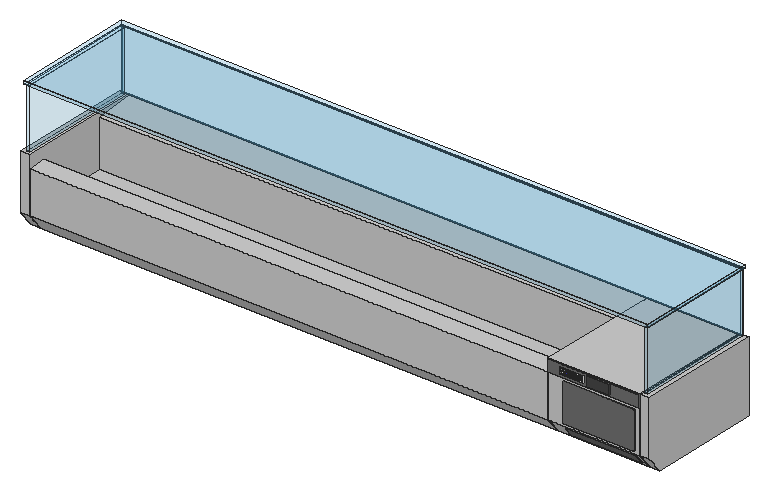
Revit family "Qf_Afinox_VRS2005V", category Specialty Equipment, Revit 2014
Parameters
  Show Logo [instance] = yes
  Show Clearance [instance] = yes
Reference planes
  plane 1 "Back": y = 0
  plane 2: z = 0
  plane 3 "Left": x = 0
  plane 4 "Right": x = 2005
  plane 5 "Front": y = -395
  plane 6 "Top": z = 225
Forms (mm)
  Extrusion 1, solid
    sketch origin (905, 0, 0) x (0, 1, 0) y (0, 0, 1)
      loop
        line (0, 225) -> (-118.091, 213.424) -> (-118.091, 63.424) -> (-342.706, 63.424) -> (-342.706, 191.405) -> (-395, 186.278) -> (-395, 50) -> (-354.511, 0) -> (0, 0) -> (0, 225)
    from -875 to 778
  Extrusion 2, solid
    sketch origin (0, 0, 0) x (0, 1, 0) y (0, 0, 1)
      loop
        line (0, 225) -> (-395, 225) -> (-395, 50) -> (-354.511, 0) -> (0, 0) -> (0, 225)
    from 0 to 30
  Extrusion 3, solid
    sketch origin (1975, 0, 0) x (0, 1, 0) y (0, 0, 1)
      loop
        line (0, 225) -> (-395, 225) -> (-395, 50) -> (-354.511, 0) -> (0, 0) -> (0, 225)
    from 0 to 30
  Extrusion 4, solid
    sketch origin (1945, 0, 0) x (0, 1, 0) y (0, 0, 1)
      loop
        line (0, 225) -> (-395, 225) -> (-395, 50) -> (-354.511, 0) -> (0, 0) -> (0, 225)
    from -262 to 30
  Extrusion 5, solid
    sketch origin (905, -394, -0.038) x (1, 0, 0) y (0, 0, 1)
      loop
        arc (829.65, 178.011) -> (827.352, 177.059) -> (826.4, 174.761) r 3.25
        line (826.4, 174.761) -> (826.4, 59.261)
        arc (826.4, 59.261) -> (827.352, 56.963) -> (829.65, 56.011) r 3.25
        line (829.65, 56.011) -> (1050.15, 56.011)
        arc (1050.15, 56.011) -> (1052.448, 56.963) -> (1053.4, 59.261) r 3.25
        line (1053.4, 59.261) -> (1053.4, 174.761)
        arc (1053.4, 174.761) -> (1052.448, 177.059) -> (1050.15, 178.011) r 3.25
        line (1050.15, 178.011) -> (829.65, 178.011)
    from 0 to 2
  Extrusion 6, solid
    sketch origin (905, -273.564, -98.372) x (1, 0, 0) y (0, -0.62932, 0.777146)
      loop
        arc (829.65, 178.011) -> (827.352, 177.059) -> (826.4, 174.761) r 3.25
        line (826.4, 174.761) -> (826.4, 141.843)
        arc (826.4, 141.843) -> (827.352, 139.544) -> (829.65, 138.593) r 3.25
        line (829.65, 138.593) -> (1050.15, 138.593)
        arc (1050.15, 138.593) -> (1052.448, 139.544) -> (1053.4, 141.843) r 3.25
        line (1053.4, 141.843) -> (1053.4, 174.761)
        arc (1053.4, 174.761) -> (1052.448, 177.059) -> (1050.15, 178.011) r 3.25
        line (1050.15, 178.011) -> (829.65, 178.011)
    from 0 to 2
  Extrusion 7, solid
    sketch origin (897.335, -397, -1.215) x (1, 0, 0) y (0, 0, 1)
      loop
        line (912.065, 221.354) -> (912.065, 192.354) -> (983.065, 192.354) -> (983.065, 221.354) -> (912.065, 221.354)
    from 0 to 3
  Extrusion 8, solid, visible <- "Show Logo"
    sketch origin (1542.556, -397, -384.108) x (1, 0, 0) y (0, 0, 1)
      loop
        line (179.287, 599.596) -> (179.287, 579.899) -> (254.287, 579.899) -> (254.287, 599.596) -> (179.287, 599.596)
      loop
        line (199.226, 597.323) -> (199.226, 582.172) -> (253.014, 582.172) -> (253.014, 597.323) -> (199.226, 597.323)
      loop
        line (180.287, 597.323) -> (180.287, 582.172) -> (198.848, 582.172) -> (198.848, 597.323) -> (180.287, 597.323)
    from 0 to 2
  Extrusion 9, solid, visible <- "Show Logo"
    sketch origin (749.53, -397, -622.718) x (1, 0, 0) y (0, 0, 1)
      loop
        arc (994.034, 825.04) -> (994.842, 823.416) -> (996.479, 824.198) r 1.293
        line (996.479, 824.198) -> (996.958, 825.22) -> (1000.192, 825.22) -> (1000.6, 824.198)
        arc (1000.6, 824.198) -> (1002.252, 823.366) -> (1003.039, 825.04) r 1.291
        line (1003.039, 825.04) -> (999.801, 832.415)
        arc (999.801, 832.415) -> (998.57, 833.402) -> (997.337, 832.418) r 1.263
        line (997.337, 832.418) -> (994.034, 825.04)
      loop
        line (999.576, 827.427) -> (998.603, 829.738) -> (997.631, 827.445) -> (999.576, 827.427)
      loop
        line (1004.344, 832.421) -> (1004.344, 824.556)
        arc (1004.344, 824.556) -> (1005.631, 823.448) -> (1006.918, 824.556) r 1.302
        line (1006.918, 824.556) -> (1006.918, 827.178) -> (1010.126, 827.178)
        arc (1010.126, 827.178) -> (1011.3, 828.493) -> (1010.126, 829.808) r 1.323
        line (1010.126, 829.808) -> (1006.918, 829.808) -> (1006.918, 830.954) -> (1010.126, 830.954)
        arc (1010.126, 830.954) -> (1011.264, 832.233) -> (1010.126, 833.511) r 1.287
        line (1010.126, 833.511) -> (1005.326, 833.511)
        arc (1005.326, 833.511) -> (1004.652, 833.13) -> (1004.344, 832.421) r 1.22
      loop
        line (1012.593, 832.457) -> (1012.593, 824.488)
        arc (1012.593, 824.488) -> (1013.928, 823.343) -> (1015.262, 824.488) r 1.35
        line (1015.262, 824.488) -> (1015.262, 832.457)
        arc (1015.262, 832.457) -> (1013.928, 833.516) -> (1012.593, 832.457) r 1.37
      loop
        arc (1019.372, 832.457) -> (1018.038, 833.516) -> (1016.703, 832.457) r 1.37
        line (1016.703, 832.457) -> (1016.703, 824.488)
        arc (1016.703, 824.488) -> (1018.038, 823.343) -> (1019.372, 824.488) r 1.35
        line (1019.372, 824.488) -> (1019.372, 828.473) -> (1022.448, 824.488)
        arc (1022.448, 824.488) -> (1023.783, 823.343) -> (1025.118, 824.488) r 1.35
        line (1025.118, 824.488) -> (1025.118, 832.457)
        arc (1025.118, 832.457) -> (1023.783, 833.516) -> (1022.448, 832.457) r 1.37
        line (1022.448, 832.457) -> (1022.448, 828.473) -> (1019.372, 832.457)
      loop
        circle (1031.159, 828.429) r 5.095
      loop
        circle (1031.159, 828.429) r 2.733
      loop
        line (1036.425, 831.5) -> (1038.763, 828.375) -> (1036.365, 825.267)
        arc (1036.365, 825.267) -> (1036.712, 823.621) -> (1038.393, 823.703) r 1.296
        line (1038.393, 823.703) -> (1040.42, 826.313) -> (1042.28, 823.703)
        arc (1042.28, 823.703) -> (1043.993, 823.58) -> (1044.434, 825.238) r 1.346
        line (1044.434, 825.238) -> (1042.048, 828.408) -> (1044.37, 831.408)
        arc (1044.37, 831.408) -> (1044.07, 833.196) -> (1042.269, 832.987) r 1.316
        line (1042.269, 832.987) -> (1040.366, 830.453) -> (1038.502, 833.054)
        arc (1038.502, 833.054) -> (1036.78, 833.19) -> (1036.425, 831.5) r 1.308
      loop
        line (1046.04, 835.933) -> (992.253, 835.933) -> (992.253, 820.782) -> (1046.04, 820.782) -> (1046.04, 835.933)
    from 0 to 2
  Extrusion 10, solid, visible <- "Show Logo"
    sketch origin (742.402, -397, -442.664) x (1, 0, 0) y (0, 0, 1)
      loop
        line (980.441, 655.879) -> (980.441, 640.728) -> (999.001, 640.728) -> (999.001, 655.879) -> (980.441, 655.879)
      loop
        arc (982.146, 642.435) -> (982.404, 641.667) -> (983.211, 641.586) r 0.747
        line (983.211, 641.586) -> (989.781, 644.576) -> (996.334, 641.6)
        arc (996.334, 641.6) -> (997.088, 641.702) -> (997.296, 642.435) r 0.695
        line (997.296, 642.435) -> (990.231, 654.688)
        arc (990.231, 654.688) -> (989.721, 654.992) -> (989.211, 654.688) r 0.58
        line (989.211, 654.688) -> (982.146, 642.435)
    from 0 to 2
  Extrusion 11, solid, visible <- "Show Logo"
    sketch origin (708.114, -397, -392.26) x (1, 0, 0) y (0, 0, 1)
      loop
        arc (1016.435, 592.031) -> (1016.693, 591.262) -> (1017.5, 591.182) r 0.747
        line (1017.5, 591.182) -> (1024.07, 594.172) -> (1030.623, 591.195)
        arc (1030.623, 591.195) -> (1031.377, 591.298) -> (1031.584, 592.031) r 0.695
        line (1031.584, 592.031) -> (1024.52, 604.283)
        arc (1024.52, 604.283) -> (1024.01, 604.588) -> (1023.5, 604.283) r 0.58
        line (1023.5, 604.283) -> (1016.435, 592.031)
      loop
        arc (1035.45, 594.582) -> (1036.258, 592.958) -> (1037.895, 593.739) r 1.293
        line (1037.895, 593.739) -> (1038.374, 594.762) -> (1041.608, 594.762) -> (1042.016, 593.739)
        arc (1042.016, 593.739) -> (1043.668, 592.908) -> (1044.455, 594.582) r 1.291
        line (1044.455, 594.582) -> (1041.218, 601.957)
        arc (1041.218, 601.957) -> (1039.986, 602.943) -> (1038.753, 601.959) r 1.263
        line (1038.753, 601.959) -> (1035.45, 594.582)
      loop
        line (1040.992, 596.969) -> (1040.02, 599.279) -> (1039.047, 596.987) -> (1040.992, 596.969)
      loop
        arc (1045.76, 594.097) -> (1047.047, 592.99) -> (1048.334, 594.097) r 1.302
        line (1048.334, 594.097) -> (1048.334, 596.72) -> (1051.542, 596.72)
        arc (1051.542, 596.72) -> (1052.716, 598.035) -> (1051.542, 599.35) r 1.323
        line (1051.542, 599.35) -> (1048.334, 599.35) -> (1048.334, 600.496) -> (1051.542, 600.496)
        arc (1051.542, 600.496) -> (1052.681, 601.774) -> (1051.542, 603.052) r 1.287
        line (1051.542, 603.052) -> (1046.742, 603.052)
        arc (1046.742, 603.052) -> (1046.069, 602.672) -> (1045.76, 601.962) r 1.22
        line (1045.76, 601.962) -> (1045.76, 594.097)
      loop
        arc (1054.01, 594.029) -> (1055.344, 592.884) -> (1056.679, 594.029) r 1.35
        line (1056.679, 594.029) -> (1056.679, 601.999)
        arc (1056.679, 601.999) -> (1055.344, 603.058) -> (1054.01, 601.999) r 1.37
        line (1054.01, 601.999) -> (1054.01, 594.029)
      loop
        arc (1058.12, 594.029) -> (1059.454, 592.884) -> (1060.789, 594.029) r 1.35
        line (1060.789, 594.029) -> (1060.789, 598.014) -> (1063.865, 594.029)
        arc (1063.865, 594.029) -> (1065.199, 592.884) -> (1066.534, 594.029) r 1.35
        line (1066.534, 594.029) -> (1066.534, 601.999)
        arc (1066.534, 601.999) -> (1065.199, 603.058) -> (1063.865, 601.999) r 1.37
        line (1063.865, 601.999) -> (1063.865, 598.014) -> (1060.789, 601.999)
        arc (1060.789, 601.999) -> (1059.454, 603.058) -> (1058.12, 601.999) r 1.37
        line (1058.12, 601.999) -> (1058.12, 594.029)
      loop
        circle (1072.575, 597.971) r 5.095
      loop
        circle (1072.575, 597.971) r 2.733
      loop
        line (1080.18, 597.917) -> (1077.782, 594.809)
        arc (1077.782, 594.809) -> (1078.129, 593.163) -> (1079.809, 593.245) r 1.296
        line (1079.809, 593.245) -> (1081.836, 595.854) -> (1083.697, 593.245)
        arc (1083.697, 593.245) -> (1085.409, 593.121) -> (1085.851, 594.78) r 1.346
        line (1085.851, 594.78) -> (1083.464, 597.949) -> (1085.787, 600.95)
        arc (1085.787, 600.95) -> (1085.486, 602.737) -> (1083.686, 602.528) r 1.316
        line (1083.686, 602.528) -> (1081.782, 599.994) -> (1079.918, 602.596)
        arc (1079.918, 602.596) -> (1078.197, 602.731) -> (1077.841, 601.041) r 1.308
        line (1077.841, 601.041) -> (1080.18, 597.917)
    from 0 to 2
  Extrusion 12, solid
    sketch origin (770.935, -395, 3.646) x (1, 0, 0) y (0, 0, 1)
      loop
        line (912.065, 221.354) -> (912.065, 182.633) -> (1204.065, 182.633) -> (1204.065, 221.354) -> (912.065, 221.354)
    from 0 to 2
  Extrusion 13, solid
    sketch origin (905, -6.8, 0) x (1, 0, 0) y (0, 0, 1)
      loop
        circle (1050, 20) r 5
    from -17.6 to -6.8
  Extrusion 14, solid
    sketch origin (905, 0, 0) x (1, 0, 0) y (0, 0, 1)
      loop
        line (-875, 13) -> (1070, 13) -> (1070, 186) -> (-875, 186) -> (-875, 13)
      loop
        circle (1050, 20) r 5
    from -10.8 to 0
  Extrusion 15, solid
    sketch origin (900, 0, 0) x (0, 1, 0) y (0, 0, 1)
      loop
        line (0, 428.598) -> (-391, 428.598) -> (-391, 416.598) -> (0, 416.598) -> (0, 428.598)
    from -892.5 to 1097.5
  Extrusion 16, solid
    sketch origin (905, 0, 0) x (0, 1, 0) y (0, 0, 1)
      loop
        line (-2, 416.598) -> (-8, 416.598) -> (-8, 225.598) -> (-2, 225.598) -> (-2, 416.598)
    from -892.5 to 1087.5
  Extrusion 17, solid
    sketch origin (0, 0, 0) x (1, 0, 0) y (0, 0, 1)
      loop
        line (12.5, 416.598) -> (12.5, 225) -> (22.5, 225) -> (22.5, 416.598) -> (12.5, 416.598)
    from 8 to 386
  Extrusion 18, solid
    sketch origin (905, 0, 0) x (1, 0, 0) y (0, 0, 1)
      loop
        line (1077.5, 416.598) -> (1077.5, 225.598) -> (1087.5, 225.598) -> (1087.5, 416.598) -> (1077.5, 416.598)
    from 2 to 386
Lines and regions (mm)
  symbolic lines, style "200-EquipBorder-2D"
    curve 1: line (0, 0, 0) -> (2005, 0, 0)
    curve 2: line (0, -395, 0) -> (0, 0, 0)
    curve 3: line (2005, -395, 0) -> (0, -395, 0)
    curve 4: line (2005, 0, 0) -> (2005, -395, 0)
    curve 5: line (30, 0, 0) -> (30, 10.8, 0)
    curve 6: line (30, 10.8, 0) -> (1975, 10.8, 0)
    curve 7: line (1975, 10.8, 0) -> (1975, 0, 0)
  symbolic lines, style "200-EquipInternal-2D"
    curve 8: line (7.5, -2, 0) -> (1997.5, -2, 0)
    curve 9: line (7.5, -391, 0) -> (7.5, -2, 0)
    curve 10: line (1997.5, -391, 0) -> (7.5, -391, 0)
    curve 11: line (1997.5, -2, 0) -> (1997.5, -391, 0)
    curve 12: line (1683, -391, 0) -> (1683, -395, 0)
    curve 13: line (1975, -391, 0) -> (1975, -395, 0)
    curve 14: line (30, -391, 0) -> (30, -395, 0)
Dimensions and locks
  plane 3 "Left" to plane 4 "Right" = 2005 mm
  plane 5 "Front" to plane 1 "Back" = 395 mm
  plane 6 "Top" to level = 225 mm
  aligned and locked: level to plane 2
  aligned and locked: Extrusion 1 to Extrusion 2
  aligned and locked: Extrusion 14 to Extrusion 1
  aligned and locked: Extrusion 16 to Extrusion 17
Connectors
  electrical at (1955, 10.8, 20)
    settings: on Extrusion 13, index 1, voltage 0 V, apparent load 0 VA, apparent load phase1 0 VA, apparent load phase2 0 VA, apparent load phase3 0 VA, power factor 1, load classification "Other", number of poles 1, system type 31, power factor state 1, is connector primary yes, connector utility no, sub classification motor no, connector description "Electrical connection"
